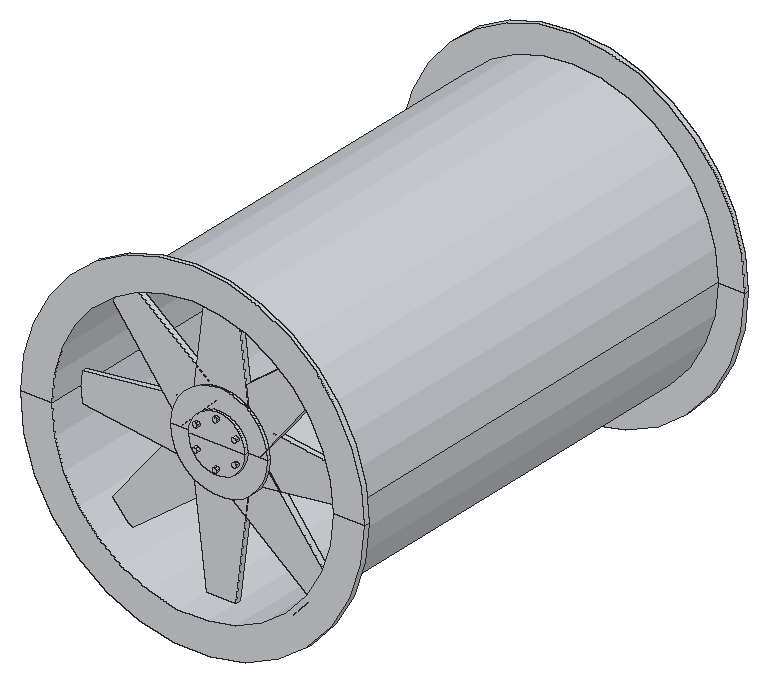
Revit family "CADS_Vent-Axia_MechEquip_Fan_BIFA_315_1Ph2P - EXTRACT", category Mechanical Equipment, Revit 2020
Family settings
  Round Connector Dimension = Use Diameter
  Part Type = Normal
  OmniClass Number = 23.75.00.00
  OmniClass Title = Climate Control (HVAC)
  Work Plane-Based = No
  Always vertical = Yes
  Cut with Voids When Loaded = No
  Shared = No
  Room Calculation Point = No
Parameters (values of type "BIFA311212")
  WorkingPressure = 0.0 Pa
  WarrantyStartDate [instance] = "1900-12-31T23:59:59"
  WarrantyPeriod = ""
  WarrantyIdentifier = "N/A"
  WarrantyGuarantorParts = "tech@vent-axia.com"
  WarrantyGuarantorLabor = "tech@vent-axia.com"
  WarrantyGuarantor = "Vent-Axia Limited"
  WarrantyEndDate [instance] = "1900-12-31T23:59:59"
  WarrantyContent = ""
  TemperatureRange = ""
  TagNumber [instance] = "N/A"
  SustainabilityPerformance = ""
  Status = "New"
  Size = ""
  Shape = ""
  ServiceLifeType = ""
  ServiceLifeDuration = ""
  SerialNumber [instance] = "N/A"
  ReplacementCost = ""
  RatedVoltage = 0 V
  RatedCurrent = 0 A
  Quantity = 1
  ProductionYear = ""
  PressureCurve = ""
  PowerFactor = ""
  PointOfContact = ""
  NumberOfPoles = 0
  NominalWidth = 315 mm
  NominalLength = 535 mm
  NominalHeight = 315 mm
  NominalFrequencyRange = ""
  NominalDiameter = 315 mm
  ModelReference = "BIF 315MM 1PH 2P 12DEG"
  ModelNumber = "BIFA311212"
  Material = ""
  ManufacturerE-Mail = "tech@vent-axia.com"
  ManufacturerAddress = "Fleming Way\nCrawley \nRH10 9YX"
  IsExtendedWarranty = no
  InsulationStandardClass = ""
  InstallationDate [instance] = "1900-12-31T23:59:59"
  IfcExportType [instance] = ""
  IfcExportAs = "IfcFanType"
  IP_Code = ""
  HasProtectiveEarth = no
  GrossWeight = 0.00 kg
  Grade = ""
  GlobalTradeItemNumber [instance] = "N/A"
  Fitting Type = "Ignore"
  Finish = ""
  Features = ""
  ExteriorInsulation = no
  ExpectedServiceLife = 0
  Exclusions = ""
  DurationUnit = "Year"
  Default Elevation = 0 mm
  Constituents = ""
  ConductorFunction = ""
  Color = ""
  CodePerformance = ""
  Category = ""
  CADS_Usage = 0
  CADS_Index = 0
  AssetType = "FIXED"
  AssetIdentifier [instance] = "N/A"
  AssemblyPlace = "UNKNOWN"
  ArticleNumber [instance] = "N/A"
  AirflowRateRange = 0.0 L/s
  Air Flow [instance] = 0.0 L/s
  AccessibilityPerformance = ""
Types (13, lengths in mm): name | ModelReference | ModelNumber
  BIFA311212 | "BIF 315MM 1PH 2P 12DEG" | "BIFA311212"
  BIFA311214 | "BIF 315MM 1PH 2P 14DEG" | "BIFA311214"
  BIFA311216 | "BIF 315MM 1PH 2P 16DEG" | "BIFA311216"
  BIFA311220 | "BIF 315MM 1PH 2P 20DEG" | "BIFA311220"
  BIFA311222 | "BIF 315MM 1PH 2P 22DEG" | "BIFA311222"
  BIFA311224 | "BIF 315MM 1PH 2P 24DEG" | "BIFA311224"
  BIFA311226 | "BIF 315MM 1PH 2P 26DEG" | "BIFA311226"
  BIFA311228 | "BIF 315MM 1PH 2P 28DEG" | "BIFA311228"
  BIFA311230 | "BIF 315MM 1PH 2P 30DEG" | "BIFA311230"
  BIFA311232 | "BIF 315MM 1PH 2P 32DEG" | "BIFA311232"
  BIFA311236 | "BIF 315MM 1PH 2P 36DEG" | "BIFA311236"
  BIFA311238 | "BIF 315MM 1PH 2P 38DEG" | "BIFA311238"
  BIFA311210 | "BIF 315MM 1PH 2P 10DEG" | "BIFA311210"
Reference planes
  plane 1 "Center (Front/Back)": y = 0
  plane 2: z = 0
  plane 3 "Center (Left/Right)": x = 0
  plane 4: x = -157.5
  plane 5: x = 157.5
  plane 6 "F": y = -267.5
  plane 7 "B": y = 267.5
  plane 8: x = -192.5
  plane 9: y = 262.5
  plane 10: y = -262.5
  plane 11: x = -162.5
  plane 12: y = -227.5
Forms (mm)
  Revolve 1, solid
    sketch origin (0, 0, 0) x (1, 0, 0) y (0, 1, 0)
      loop
        line (-192.5, -267.5) -> (-157.5, -267.5) -> (-157.5, 267.5) -> (-192.5, 267.5) -> (-192.5, 262.5) -> (-162.5, 262.5) -> (-162.5, -262.5) -> (-192.5, -262.5) -> (-192.5, -267.5)
      axis (0, 267.5) -> (0, -267.5)
    angle from 0 to 360
Dimensions and locks
  equal spacing: plane 4, plane 3 "Center (Left/Right)", plane 5
  equal spacing: plane 7 "B", plane 1 "Center (Front/Back)", plane 6 "F"
  "NominalLength": plane 7 "B" to plane 6 "F"
  "NominalDiameter": plane 4 to plane 5
  locked: plane 11 to plane 4 at 5
  locked: plane 8 to plane 11 at 30
  locked: plane 6 "F" to plane 10 at 5
  locked: plane 7 "B" to plane 9 at 5
  locked: plane 6 "F" to plane 12 at 40
  aligned and locked: level to plane 2
  aligned and locked: nested 1 to plane 12
Automatic sketch dimensions
  plane 6 "F" to Revolve 1 sketch curve = 0 mm
  Revolve 1 sketch curve to plane 8 = 0 mm  (x2)
  plane 10 to Revolve 1 sketch curve = 0 mm
  Revolve 1 sketch curve to plane 11 = 0 mm
  Revolve 1 sketch curve to plane 4 = 0 mm
  Revolve 1 sketch curve to plane 3 "Center (Left/Right)" = 0 mm
  plane 1 "Center (Front/Back)" to Revolve 1 sketch curve = 0 mm
  Revolve 1 sketch curve to plane 9 = 0 mm
  Revolve 1 sketch curve to plane 7 "B" = 0 mm
  plane 6 "F" to Revolve 1 sketch curve = 115 mm
Nested families
  nested 1: "Fan for BIFA" at (0, -227.5, 0), ND <- "NominalDiameter", type "Fan for BIFA"
    with hub 31.5 mm, ND 315 mm, BoltPCD 25.2 mm, Bolt Count 6, B_Diam 5 mm
  nested 2: "Bolts" at (21.824, -236.672, -12.6) x (-0.5, 0, -0.866) z (0, 1, 0), type "Bolts"
    with bd 5 mm
  nested 3: "Bolts" at (0, -236.672, -25.2) x (-1, 0, 0) z (0, 1, 0), type "Bolts"
    with bd 5 mm
  nested 4: "Bolts" at (-21.824, -236.672, -12.6) x (-0.5, 0, 0.866) z (0, 1, 0), type "Bolts"
    with bd 5 mm
  nested 5: "Bolts" at (-21.824, -236.672, 12.6) x (0.5, 0, 0.866) z (0, 1, 0), type "Bolts"
    with bd 5 mm
  nested 6: "Bolts" at (21.824, -236.672, 12.6) x (0.5, 0, -0.866) z (0, 1, 0), type "Bolts"
    with bd 5 mm
  nested 7: "Bolts" at (0, -236.672, 25.2) x (1, 0, 0) z (0, 1, 0), type "Bolts"
    with bd 5 mm
  nested 8: "BIFA Blade" at (0, -227.5, 0), type "BIFA Blade"
    with a 20.00°, HR 31.5 mm, HD 63 mm, BT 31.5 mm, BR 126 mm, BH 40 mm, BD 315 mm, BB 63 mm
  nested 9: "BIFA Blade" at (0, -227.5, 0) x (0.7071, 0, -0.7071) z (0.7071, 0, 0.7071), type "BIFA Blade"
    with a 20.00°, HR 31.5 mm, HD 63 mm, BT 31.5 mm, BR 126 mm, BH 40 mm, BD 315 mm, BB 63 mm
  nested 10: "BIFA Blade" at (0, -227.5, 0) x (0, 0, -1) z (1, 0, 0), type "BIFA Blade"
    with a 20.00°, HR 31.5 mm, HD 63 mm, BT 31.5 mm, BR 126 mm, BH 40 mm, BD 315 mm, BB 63 mm
  nested 11: "BIFA Blade" at (0, -227.5, 0) x (-0.7071, 0, -0.7071) z (0.7071, 0, -0.7071), type "BIFA Blade"
    with a 20.00°, HR 31.5 mm, HD 63 mm, BT 31.5 mm, BR 126 mm, BH 40 mm, BD 315 mm, BB 63 mm
  nested 12: "BIFA Blade" at (0, -227.5, 0) x (-1, 0, 0) z (0, 0, -1), type "BIFA Blade"
    with a 20.00°, HR 31.5 mm, HD 63 mm, BT 31.5 mm, BR 126 mm, BH 40 mm, BD 315 mm, BB 63 mm
  nested 13: "BIFA Blade" at (0, -227.5, 0) x (-0.7071, 0, -0.7071) z (-0.7071, 0, 0.7071), type "BIFA Blade"
    with a 20.00°, HR 31.5 mm, HD 63 mm, BT 31.5 mm, BR 126 mm, BH 40 mm, BD 315 mm, BB 63 mm
  nested 14: "BIFA Blade" at (0, -227.5, 0) x (0, 0, -1) z (-1, 0, 0), type "BIFA Blade"
    with a 20.00°, HR 31.5 mm, HD 63 mm, BT 31.5 mm, BR 126 mm, BH 40 mm, BD 315 mm, BB 63 mm
  nested 15: "BIFA Blade" at (0, -227.5, 0) x (0.7071, 0, -0.7071) z (-0.7071, 0, -0.7071), type "BIFA Blade"
    with a 20.00°, HR 31.5 mm, HD 63 mm, BT 31.5 mm, BR 126 mm, BH 40 mm, BD 315 mm, BB 63 mm
Connectors
  hvac at (0, -267.5, 0), driven by "NominalDiameter", driven by "Air Flow"
    settings: on Revolve 1, index 1, duct flow 0.0 L/s, flow factor 0, pres drop 0.0 Pa, loss coef 0, conn angle 0.00°, conn width 304.8 mm, conn height 304.8 mm, conn diameter 315 mm, duct sys type 2, conn prof type 0, flow config 0, flow direction 1, loss method 0, conn ref index -1, conn util no, is conn primary yes, conn desc ""
  hvac at (0, 267.5, 0), driven by "NominalDiameter", driven by "Air Flow"
    settings: on Revolve 1, index 2, duct flow 0.0 L/s, flow factor 0, pres drop 0.0 Pa, loss coef 0, conn angle 0.00°, conn width 304.8 mm, conn height 304.8 mm, conn diameter 315 mm, duct sys type 3, conn prof type 0, flow config 1, flow direction 2, loss method 0, conn ref index -1, conn util no, is conn primary no, conn desc ""
Definition of nested family "Fan for BIFA"
  Parameters (values of type "Fan for BIFA")
    hub [instance] = ND / 10  # 50 mm
    ND [instance] = 500 mm
    Model = "."
    Default Elevation = 0 mm
    BoltPCD [instance] = hub - (hub * 0.2)  # 40 mm
    Bolt Count [instance] = if(hub < 50 mm, 6, 8)  # 8
    B_Diam [instance] = if(hub < 50 mm, 5 mm, 10 mm)  # 10 mm
  Reference planes
    plane 1 "Center (Front/Back)": y = 0
    plane 2: z = 0
    plane 3 "Center (Left/Right)": x = 0
    plane 4 "back": y = 20
    plane 5 "bolts": y = -9.172
    plane 6 "B": z = 50
    plane 7: x = -72.587
    plane 8: x = -50
    plane 9 "hubface": y = -6.172
  Forms (mm)
    Revolve 1, solid
      sketch origin (0, 0, 0) x (1, 0, 0) y (0, 1, 0)
        loop
          line (0, 20) -> (-50, 20) -> (-50, 10.504) -> (-72.587, 10.504) -> (-72.587, -2.597) -> (-50, -2.597) -> (-50, -6.172) -> (0, -6.172) -> (0, 20)
        axis (0, 20) -> (0, -6.172)
      angle from 0 to 360
    Extrusion 2, solid, not visible
      sketch origin (0, -6.347, -4) x (-1, 0, 0) y (0, 0, 1)
        loop
          circle (0, 84) r 5
      from 0 to 3
  Lines and regions (mm)
    symbolic lines
      curve 1: circle (0, -9.172, 0) r 40 normal (0, 1, 0)
    model lines, not visible
      curve 2: line (0, -6.347, 85) -> (0, -6.347, 75)
  Dimensions and locks
    "hub": plane 6 "B" to plane 2
    "hub": nested 3 to plane 3 "Center (Left/Right)"
    "hub": nested 4 to plane 3 "Center (Left/Right)"
    "hub": nested 5 to plane 3 "Center (Left/Right)"
    "hub": plane 3 "Center (Left/Right)" to nested 6
    "hub": Revolve 1 sketch curve to Revolve 1 sketch curve
    "hub": plane 3 "Center (Left/Right)" to nested 7
    "hub": plane 3 "Center (Left/Right)" to nested 8
    "hub": plane 3 "Center (Left/Right)" to nested 9
    "hub": plane 8 to plane 3 "Center (Left/Right)"
    plane 7 to plane 8 = 22.587 mm
    diameter of Extrusion 2 sketch curve = 10 mm
    "BoltPCD": radius of curve 1
    "BoltPCD": radius of radial array
    aligned and locked: level to plane 2
    aligned and locked: plane 6 "B" to nested 1
  Automatic sketch dimensions
    Revolve 1 sketch curve to plane 7 = 0 mm
    Revolve 1 sketch curve to plane 8 = 0 mm  (x2)
    Revolve 1 sketch curve to plane 3 "Center (Left/Right)" = 0 mm
    Revolve 1 sketch curve to plane 9 "hubface" = 0 mm
    plane 4 "back" to Revolve 1 sketch curve = 0 mm
    plane 1 "Center (Front/Back)" to Revolve 1 sketch curve = 2.597 mm
    plane 4 "back" to Revolve 1 sketch curve = 9.496 mm
    plane 4 "back" to Revolve 1 sketch curve = 5 mm
    Revolve 1 sketch curve to Revolve 1 sketch curve = 45 mm
    curve 1 to level = 0 mm
    curve 1 to plane 3 "Center (Left/Right)" = 0 mm
  Nested families
    nested 1: "BIFA Blade" at (0, 0, 25), BD <- "ND", HD <- "hub", type "BIFA Blade"
      with a 20.00°, HR 25 mm, HD 50 mm, BT 25 mm, BR 100 mm, BH 40 mm, BD 250 mm, BB 50 mm
    nested 2: "BIFA Blade" at (0, 0, 55), BD <- "ND", HD <- "hub", type "BIFA Blade", not visible
      with a 20.00°, HR 25 mm, HD 50 mm, BT 25 mm, BR 100 mm, BH 40 mm, BD 250 mm, BB 50 mm
    nested 3: "BIFA Blade" at (17.678, 0, 17.678) x (0.7071, 0, -0.7071) z (0.7071, 0, 0.7071), BD <- "ND", HD <- "hub", type "BIFA Blade"
      with a 20.00°, HR 25 mm, HD 50 mm, BT 25 mm, BR 100 mm, BH 40 mm, BD 250 mm, BB 50 mm
    nested 4: "BIFA Blade" at (25, 0, 0) x (0, 0, -1) z (1, 0, 0), BD <- "ND", HD <- "hub", type "BIFA Blade"
      with a 20.00°, HR 25 mm, HD 50 mm, BT 25 mm, BR 100 mm, BH 40 mm, BD 250 mm, BB 50 mm
    nested 5: "BIFA Blade" at (17.678, 0, -17.678) x (-0.7071, 0, -0.7071) z (0.7071, 0, -0.7071), BD <- "ND", HD <- "hub", type "BIFA Blade"
      with a 20.00°, HR 25 mm, HD 50 mm, BT 25 mm, BR 100 mm, BH 40 mm, BD 250 mm, BB 50 mm
    nested 6: "BIFA Blade" at (0, 0, -25) x (-1, 0, 0) z (0, 0, -1), BD <- "ND", HD <- "hub", type "BIFA Blade"
      with a 20.00°, HR 25 mm, HD 50 mm, BT 25 mm, BR 100 mm, BH 40 mm, BD 250 mm, BB 50 mm
    nested 7: "BIFA Blade" at (-17.678, 0, 17.678) x (-0.7071, 0, -0.7071) z (-0.7071, 0, 0.7071), BD <- "ND", HD <- "hub", type "BIFA Blade"
      with a 20.00°, HR 25 mm, HD 50 mm, BT 25 mm, BR 100 mm, BH 40 mm, BD 250 mm, BB 50 mm
    nested 8: "BIFA Blade" at (-25, 0, 0) x (0, 0, -1) z (-1, 0, 0), BD <- "ND", HD <- "hub", type "BIFA Blade"
      with a 20.00°, HR 25 mm, HD 50 mm, BT 25 mm, BR 100 mm, BH 40 mm, BD 250 mm, BB 50 mm
    nested 9: "BIFA Blade" at (-17.678, 0, -17.678) x (0.7071, 0, -0.7071) z (-0.7071, 0, -0.7071), BD <- "ND", HD <- "hub", type "BIFA Blade"
      with a 20.00°, HR 25 mm, HD 50 mm, BT 25 mm, BR 100 mm, BH 40 mm, BD 250 mm, BB 50 mm
    nested 10: "Bolts" at (0, -9.172, 40) x (1, 0, 0) z (0, 1, 0), bd <- "B_Diam", type "Bolts"
      with bd 10 mm
    nested 11: "Bolts" at (28.284, -9.172, 28.284) x (0.7071, 0, -0.7071) z (0, 1, 0), bd <- "B_Diam", type "Bolts"
      with bd 10 mm
    nested 12: "Bolts" at (-28.284, -9.172, 28.284) x (0.7071, 0, 0.7071) z (0, 1, 0), bd <- "B_Diam", type "Bolts"
      with bd 10 mm
    nested 13: "Bolts" at (-40, -9.172, 0) x (0, 0, 1) z (0, 1, 0), bd <- "B_Diam", type "Bolts"
      with bd 10 mm
    nested 14: "Bolts" at (-28.284, -9.172, -28.284) x (-0.7071, 0, 0.7071) z (0, 1, 0), bd <- "B_Diam", type "Bolts"
      with bd 10 mm
    nested 15: "Bolts" at (0, -9.172, -40) x (-1, 0, 0) z (0, 1, 0), bd <- "B_Diam", type "Bolts"
      with bd 10 mm
    nested 16: "Bolts" at (28.284, -9.172, -28.284) x (-0.7071, 0, -0.7071) z (0, 1, 0), bd <- "B_Diam", type "Bolts"
      with bd 10 mm
    nested 17: "Bolts" at (40, -9.172, 0) x (0, 0, -1) z (0, 1, 0), bd <- "B_Diam", type "Bolts"
      with bd 10 mm
  Definition of nested family "BIFA Blade"
    Parameters (values of type "BIFA Blade")
      a [instance] = 20.00°
      HR [instance] = HD / 2  # 30 mm
      HD [instance] = BD / 5  # 60 mm
      Default Elevation = 1219.2 mm
      BT [instance] = BD / 10  # 30 mm
      BR [instance] = (BD / 2) - HR  # 120 mm
      BH [instance] = 40 mm
      BD [instance] = 300 mm
      BB [instance] = BD / 5  # 60 mm
    Reference planes
      plane 1 "Center (Front/Back)": y = 0
      plane 2: z = 0
      plane 3 "Center (Left/Right)": x = 0
      plane 4 "Blade Bot": z = 30
      plane 5: x = -30
      plane 6: x = 30
      plane 7: x = -15
      plane 8: x = 15
    Forms (mm)
      Blend 1, solid
        base sketch origin (0, 0, 30) x (-1, 0, 0) y (0, -1, 0)
          loop
            line (30, 0) -> (-30, 0) -> (-30, -6) -> (30, -6) -> (30, 0)
        top sketch origin (0, 0, 30) x (-1, 0, 0) y (0, -1, 0)
          loop
            line (15, -6) -> (15, 0) -> (-15, 0) -> (-15, -6) -> (15, -6)
        from 0 to 120 <- "BR"
    Dimensions and locks
      "HR": plane 4 "Blade Bot" to level
      equal spacing: plane 8, plane 3 "Center (Left/Right)", plane 7
      "BT": plane 8 to plane 7
      equal spacing: plane 6, plane 3 "Center (Left/Right)", plane 5
      "BB": plane 6 to plane 5
      aligned and locked: level to plane 2
    Automatic sketch dimensions
      plane 1 "Center (Front/Back)" to Blend 1 sketch curve = 0 mm  (x2)
      Blend 1 sketch curve to plane 6 = 0 mm
      Blend 1 sketch curve to plane 5 = 0 mm
      Blend 1 sketch curve to plane 1 "Center (Front/Back)" = 6 mm  (x2)
      Blend 1 sketch curve to plane 8 = 0 mm
      Blend 1 sketch curve to plane 7 = 0 mm
  Definition of nested family "Bolts"
    Parameters
      bd [instance] = 10 mm
      Default Elevation = 1219.2 mm
    Reference planes
      plane 1 "Center (Front/Back)": y = 0
      plane 2: z = 0
      plane 3 "Center (Left/Right)": x = 0
    Forms (mm)
      Extrusion 1, solid
        sketch origin (0, 0, 0) x (1, 0, 0) y (0, 1, 0)
          loop
            line (-1219.2, 1219.2) -> (-1219.2, -1219.2) -> (1219.2, -1219.2) -> (1219.2, 1219.2) -> (-1219.2, 1219.2)
        from 0 to -304.8
      Extrusion 2, solid
        sketch origin (0, 0, 0) x (1, 0, 0) y (0, 1, 0)
          loop
            circle (0, 0) r 5
        from 0 to 3
    Dimensions and locks
      "bd": diameter of Extrusion 2 sketch curve
      aligned and locked: plane 2 to Extrusion 1
      aligned and locked: level to Extrusion 1
    Automatic sketch dimensions
      Extrusion 1 sketch curve to Extrusion 1 sketch curve = 2438.4 mm  (x2)
      plane 1 "Center (Front/Back)" to Extrusion 2 sketch curve = 0 mm
      Extrusion 2 sketch curve to plane 3 "Center (Left/Right)" = 0 mm
Definition of nested family "Bolts"
  Parameters
    bd [instance] = 10 mm
    Default Elevation = 1219.2 mm
  Reference planes
    plane 1 "Center (Front/Back)": y = 0
    plane 2: z = 0
    plane 3 "Center (Left/Right)": x = 0
  Forms (mm)
    Extrusion 1, solid
      sketch origin (0, 0, 0) x (1, 0, 0) y (0, 1, 0)
        loop
          line (-1219.2, 1219.2) -> (-1219.2, -1219.2) -> (1219.2, -1219.2) -> (1219.2, 1219.2) -> (-1219.2, 1219.2)
      from 0 to -304.8
    Extrusion 2, solid
      sketch origin (0, 0, 0) x (1, 0, 0) y (0, 1, 0)
        loop
          circle (0, 0) r 5
      from 0 to 3
  Dimensions and locks
    "bd": diameter of Extrusion 2 sketch curve
    aligned and locked: plane 2 to Extrusion 1
    aligned and locked: level to Extrusion 1
  Automatic sketch dimensions
    Extrusion 1 sketch curve to Extrusion 1 sketch curve = 2438.4 mm  (x2)
    plane 1 "Center (Front/Back)" to Extrusion 2 sketch curve = 0 mm
    Extrusion 2 sketch curve to plane 3 "Center (Left/Right)" = 0 mm
Definition of nested family "BIFA Blade"
  Parameters (values of type "BIFA Blade")
    a [instance] = 20.00°
    HR [instance] = HD / 2  # 30 mm
    HD [instance] = BD / 5  # 60 mm
    Default Elevation = 1219.2 mm
    BT [instance] = BD / 10  # 30 mm
    BR [instance] = (BD / 2) - HR  # 120 mm
    BH [instance] = 40 mm
    BD [instance] = 300 mm
    BB [instance] = BD / 5  # 60 mm
  Reference planes
    plane 1 "Center (Front/Back)": y = 0
    plane 2: z = 0
    plane 3 "Center (Left/Right)": x = 0
    plane 4 "Blade Bot": z = 30
    plane 5: x = -30
    plane 6: x = 30
    plane 7: x = -15
    plane 8: x = 15
  Forms (mm)
    Blend 1, solid
      base sketch origin (0, 0, 30) x (-1, 0, 0) y (0, -1, 0)
        loop
          line (30, 0) -> (-30, 0) -> (-30, -6) -> (30, -6) -> (30, 0)
      top sketch origin (0, 0, 30) x (-1, 0, 0) y (0, -1, 0)
        loop
          line (15, -6) -> (15, 0) -> (-15, 0) -> (-15, -6) -> (15, -6)
      from 0 to 120 <- "BR"
  Dimensions and locks
    "HR": plane 4 "Blade Bot" to level
    equal spacing: plane 8, plane 3 "Center (Left/Right)", plane 7
    "BT": plane 8 to plane 7
    equal spacing: plane 6, plane 3 "Center (Left/Right)", plane 5
    "BB": plane 6 to plane 5
    aligned and locked: level to plane 2
  Automatic sketch dimensions
    plane 1 "Center (Front/Back)" to Blend 1 sketch curve = 0 mm  (x2)
    Blend 1 sketch curve to plane 6 = 0 mm
    Blend 1 sketch curve to plane 5 = 0 mm
    Blend 1 sketch curve to plane 1 "Center (Front/Back)" = 6 mm  (x2)
    Blend 1 sketch curve to plane 8 = 0 mm
    Blend 1 sketch curve to plane 7 = 0 mm
